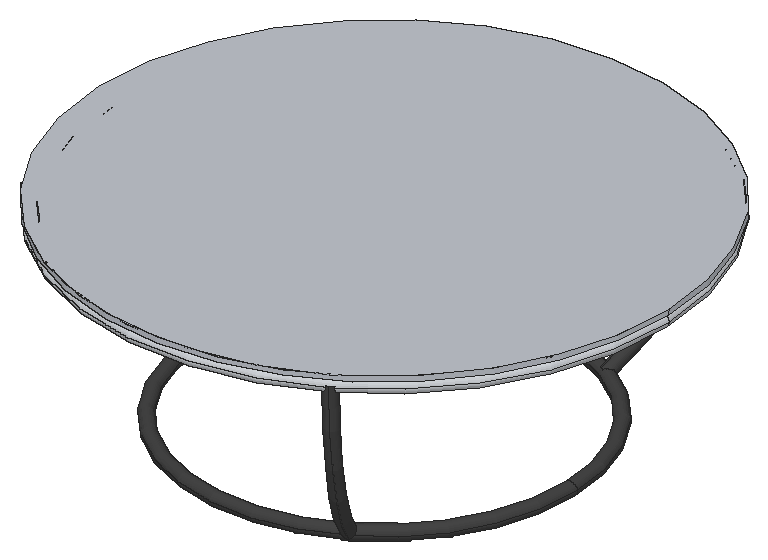
Revit family "Furniture_Table_SAILOR 165.61", category Furniture, Revit 2019
Family settings
  OmniClass Number = 23.21.23.15.17
  Work Plane-Based = Yes
  Always vertical = No
  Cut with Voids When Loaded = No
  Shared = No
  Room Calculation Point = No
Parameters (values of type "SAILOR 165.61")
  Youtube clip = ""
  Uniformat II Description = "Movable Furnishings"
  Uniformat II Code = ""
  Uniclass 2015 Name = ""
  Uniclass 2015 Code = ""
  Uniclass 2.0 Description = ""
  Uniclass 2.0 Code = ""
  Uniclass 1.4 Description = ""
  Uniclass 1.4 Code = ""
  UNSPSC Code = ""
  Technical description = ""
  Frame Material = Steel - Frame - Black
  401D = no
  Region South America = "All"
  Region Oceania = "All"
  Region North America = "All"
  Region Middle East = "All"
  Region Europe = "All"
  Region Asia = "All"
  Region Antarctica = "All"
  Region Africa = "All"
  QR code = "https://www.sandlerseating.com/product/sailor-165-61/"
  Product url = "https://www.sandlerseating.com/product/sailor-165-61/"
  Product name = "SAILOR 165.61"
  Product group = "Table"
  Product family = "Furniture"
  Product data url = "https://www.sandlerseating.com/product/sailor-165-61/"
  Product certification = ""
  Product SKU = "??"
  Product Guid = "??"
  OmniClass Description = ""
  OmniClass Code = "23-21 23 15 17"
  NBS Reference Description = ""
  NBS Reference Code = ""
  Model = "SAILOR 165.61"
  Masterformat 2014 Description = "Table Mats"
  Masterformat 2014 Code = "12 48 43.13"
  Manufacturer name = "Sandler"
  Manufacturer country = "USA"
  Manufacturer = "Sandler"
  Installation instructions = ""
  IFC Classification = "Furnishing Element"
  GTIN code = ""
  Edition number = 1
  Design country = "Brasil"
  Description = "Table"
  Default Elevation = 1219.200 mm
  Date of publishing = ""
  COBIe Type Category = ""
  Brand url = "https://www.sandlerseating.com/"
  BIMobject main category code = "furniture"
  BIMobject main category = "Furniture"
  BIMobject category code = "furniture-table"
  BIMobject category = "Table"
Reference planes
  plane 1 "Center Front/Back": y = 0
  plane 2: z = 0
  plane 3 "Center Left/Right": x = 0
  plane 4: x = -550
  plane 5: x = 550
  plane 6: y = -550
  plane 7: y = 550
  plane 8: z = 390
Forms (mm)
  Sweep 1, solid
    path origin (0, 0, 367.5) x (-1, 0, 0) y (0, -1, 0)
      loop
        circle (0, 0) r 537.3
    profile origin (0, 537.3, 367.5) x (0, -1, 0) y (0, 0, 1)
      loop
        circle (0, 0) r 12.7
  Sweep 2, solid, material "Steel - Frame - Black" <- "Frame Material"
    path origin (0, 0, 12.812) x (-1, 0, 0) y (0, -1, 0)
      loop
        circle (0, 0) r 360
    profile origin (0, 360, 12.812) x (0, -1, 0) y (0, 0, 1)
      loop
        circle (0, 0) r 12.7
  Sweep 3, solid, material "Steel - Frame - Black" <- "Frame Material"
    path origin (0, 0, 0) x (1, 0, 0) y (0, 0, 1)
      loop
        arc (-538.667, 369.438) -> (-489.204, 171.362) -> (-360.011, 13.28) r 467.285
    profile origin (-489.204, 0, 171.362) x (0.893847, 0, 0.448372) y (0, -1, 0)
      loop
        circle (0, 0) r 12.7
  Sweep 4, solid, material "Steel - Frame - Black" <- "Frame Material"
    path origin (0, 0, 0) x (-0.5, -0.866025, 0) y (0, 0, 1)
      loop
        arc (-538.667, 369.438) -> (-489.204, 171.362) -> (-360.011, 13.28) r 467.285
    profile origin (244.602, 423.663, 171.362) x (-0.446924, -0.774094, 0.448372) y (-0.866025, 0.5, 0)
      loop
        circle (0, 0) r 12.7
  Sweep 5, solid, material "Steel - Frame - Black" <- "Frame Material"
    path origin (0, 0, 0) x (-0.5, 0.866025, 0) y (0, 0, 1)
      loop
        arc (-538.667, 369.438) -> (-489.204, 171.362) -> (-360.011, 13.28) r 467.285
    profile origin (244.602, -423.663, 171.362) x (-0.446924, 0.774094, 0.448372) y (0.866025, 0.5, 0)
      loop
        circle (0, 0) r 12.7
  Extrusion 6, solid, material "Marble"
    sketch origin (0, 0, 800) x (-1, 0, 0) y (0, -1, 0)
      loop
        circle (0, 0) r 550
    from -420 to -410
Dimensions and locks
  aligned and locked: level to plane 2
